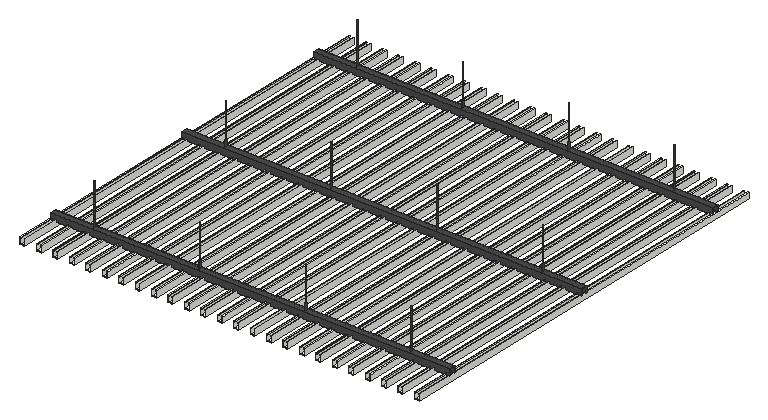
Revit family "FalsoTecho_THU_Lama-Italia-30", category Modelos genéricos, Revit 2016
Family settings
  Tipo de pieza = Normal
  Puede alojar armadura = No
  Cota de conector redondo = Diámetro de uso
  Número OmniClass = 23.35.70.24.11.17.14.11
  Título OmniClass = Metal Linear Ceilings
  Se basa en plano de trabajo = Sí
  Siempre vertical = No
  Corte con vacíos al cargar = Sí
  Compartido = No
  Punto de cálculo de habitación = No
Parameters (values of type "Aluminio_Liso_30x37mm")
  Tirantes_Separación real [instance] = (Rastrel_Longitud - (Tirante inicial_Distancia a borde * 2)) / (Tirantes_Recuento - 1)  # 643.333 mm
  Tirantes_Separación aproximada [instance] = 1000 mm  # constant formula
  Tirantes_Recuento [instance] = (Rastrel_Longitud - (Tirante inicial_Distancia a borde * 2)) / Tirantes_Separación aproximada + 2  # 4
  Tirante_Longitud [instance] = THU_Falso techo_Plenum altura  # 250 mm
  Tirante inicial_Distancia a borde [instance] = if(Rastrel_Longitud < 1500 mm, 25 mm, 250 mm)  # 250 mm
  THU_Velo = no
  THU_Subestructura_Material = "Acero galvanizado"
  THU_Subestructura_Color [instance] = THU_Negro-RAL9005
  THU_Reacción al fuego = "A2-s1, d0"
  THU_Rastrel = Rastrel_THU_Italia-30 : 3.00x0.56x0.31
  THU_Lama_Material = "Aluminio"
  THU_Lama_Color [instance] = THU_Blanco-RAL9010
  THU_Lama = Lama_THU_Italia-30 : Aluminio_Liso_30x37mm
  THU_Falso techo_Área [instance] = THU_Falso techo_Longitud * Falso techo_Anchura aprox  # 6.075 m²
  THU_Falso techo_Plenum altura [instance] = 250 mm
  THU_Falso techo_Longitud [instance] = 2500 mm
  THU_Falso techo_Anchura [instance] = 2500 mm
  THU_Falso techo_Altura libre [instance] = 2500 mm
  THU_Acabado = Acabado_THU_Lama-Italia-30 : Liso
  Solape vertical_Lama y rastrel = 5.5 mm  # constant formula
  Rastreles_Separación [instance] = if(Lama_Longitud < 1000 mm, Lama_Longitud - 36 mm, 1000 mm)  # 1000 mm
  Rastreles_Recuento (ml) [instance] = Rastrel_Longitud * Rastreles_Recuento  # 7290 mm
  Rastreles_Recuento [instance] = if((THU_Falso techo_Longitud / Rastreles_Separación) < 2, 2, THU_Falso techo_Longitud / Rastreles_Separación)  # 3
  Rastrel_Longitud [instance] = Falso techo_Anchura aprox  # 2430 mm
  Rastrel_Anchura = 35 mm  # constant formula
  Rastrel_Altura = 38 mm  # constant formula
  Rastrel inicial_Distancia a borde [instance] = (THU_Falso techo_Longitud - (Rastreles_Separación * (Rastreles_Recuento - 1))) / 2  # 250 mm
  Página web del producto = "http://thu.es/producto/lama-italia-30/"
  Página web del fabricante = "http://thu.es/"
  País de fabricación = "España"
  País de diseño = "España"
  Omniclass = "23.35.70.24.11.17.14.11"
  Número de edición (versión) = 0
  Nombre del objeto = "Lama Italia 30"
  NBS Reference Description = "Board suspended ceiling system"
  NBS Reference = "20-10-10/110"
  Marca = "THU"
  Manual de montaje = "http://thu.es/wp-content/uploads/manuals/MM-Techos-Lamas-Italia-30.pdf"
  Lamas_Recuento (ml) [instance] = THU_Falso techo_Longitud * Lamas_Recuento  # 62500 mm
  Lamas_Recuento [instance] = THU_Falso techo_Anchura / (Lamas_Separación + Lama_Anchura)  # 25
  Lamas_Separación [instance] = if(Lama_Paso de troquelado 100, 100 mm - Lama_Anchura, if(Lama_Paso de troquelado 90, 90 mm - Lama_Anchura, if(Lama_Paso de troquelado 80, 80 mm - Lama_Anchura, if(Lama_Paso de troquelado 70, 70 mm - Lama_Anchura, if(Lama_Paso de troquelado 60, 60 mm - Lama_Anchura, if(Lama_Paso de troquelado 50, 50 mm - Lama_Anchura, 200 mm))))))  # 70 mm
  Lama_Paso de troquelado 90 [instance] = no
  Lama_Paso de troquelado 80 [instance] = no
  Lama_Paso de troquelado 70 [instance] = no
  Lama_Paso de troquelado 60 [instance] = no
  Lama_Paso de troquelado 50 [instance] = no
  Lama_Paso de troquelado 100 [instance] = yes
  Lama_Longitud [instance] = THU_Falso techo_Longitud  # 2500 mm
  Lama_Anchura = 30 mm  # constant formula
  Lama_Altura = 37 mm  # constant formula
  IFC Classification = "Ceiling"
  Grupo del producto = "Lamas"
  Ficha técnica = "http://thu.es/wp-content/uploads/datasheets/ft-lamas-italia-30-thu.pdf"
  Ficha resumen = "http://thu.es/wp-content/uploads/datasheets/THU_Techos_metalicos_Lama_Italia30.pdf"
  Fecha de publicación del objeto BIM = ""
  Famila del producto = "Techos metálicos"
  Falso techo_Grosor = Lama_Altura + Rastrel_Altura  # 75 mm
  Falso techo_Anchura aprox [instance] = (Lamas_Recuento * Lama_Anchura) + (Lamas_Separación * (Lamas_Recuento - 1))  # 2430 mm
  Fabricante = "THU Perfil S.L."
  Default Elevation = 0 mm
  Descripción = "Falso techo metálico formado por lamas de aluminio prelacadas, encajadas en rastreles de dediferentes pasos de troquelado de (50,60,70,80,90,100mm) y colgadas del forjado superior mediante un sistema de varillas roscadas. Las lamas tienen un ancho de 30 mm y al colocarse en el rastrel quedan separadas una distancia entre sí que dependerá del rastrel seleccionado (20/30/40/50/60/70mm). Opción de Lamas Perforadas: Las lamas pueden presentar un microperforado de 1,5 mm de diámetro al tresbolillo, que abarca la parte central de la lama y 20 mm de cada lateral. El porcentaje de perforación de la lama es del 15,5% teniendo en cuenta los laterales perforados. Las lamas perforadas se suministran con un velo acústico de 0,2 mm de espesor, fijado a la cara interior mediante un adhesivo de activación térmica y un film de protección en su cara vista exterior."
  Declaración de prestaciones = "http://thu.es/wp-content/uploads/declarations/dp_bandejas_italia_30.pdf"
  Comentarios de tipo = "Lamas Italia 30 para techo suspendido, para ser montadas en interior de edificios con rastreles Italia."
  COBie Type Category = "L387 : Suspended ceilings"
Types (2, lengths in mm): name | THU_Velo | THU_Lama | THU_Acabado | Número de edición (versión)
  Aluminio_Liso_30x37mm | no | Lama_THU_Italia-30 : Aluminio_Liso_30x37mm | Acabado_THU_Lama-Italia-30 : Liso | 0
  Aluminio_Perforado-c/Velo_30x37mm | yes | Lama_THU_Italia-30 : Aluminio_Perforado-c/Velo_30x37mm | Acabado_THU_Lama-Italia-30 : Perforado_Ø1.5mm | 1
Reference planes
  plane 1 "Centro (Frontal/Posterior)": y = 0
  plane 2: z = 0
  plane 3 "Centro (Izquierda/Derecha)": x = 0
  plane 4 "Lamas_Límite inferior": z = 2500
  plane 5 "Rastreles_Límite inferior": z = 2531.5
  plane 6 "Rastreles_Límite superior": z = 2569.5
  plane 7 "Lamas_Límite superior": z = 2537
  plane 8 "Tirantes_Parte superior": z = 2819.5
  plane 9 "Falso techo_Límite derecho": x = 2500
  plane 10 "Falso techo_Límite superior": y = 2500
Dimensions and locks
  "Rastrel_Altura": plane 6 "Rastreles_Límite superior" to plane 5 "Rastreles_Límite inferior"
  "THU_Falso techo_Altura libre": level to plane 4 "Lamas_Límite inferior"
  "Lama_Altura": plane 7 "Lamas_Límite superior" to plane 4 "Lamas_Límite inferior"
  "Solape vertical_Lama y rastrel": plane 7 "Lamas_Límite superior" to plane 5 "Rastreles_Límite inferior"
  "THU_Falso techo_Plenum altura": plane 8 "Tirantes_Parte superior" to plane 6 "Rastreles_Límite superior"
  "Rastrel inicial_Distancia a borde": plane 1 "Centro (Frontal/Posterior)" to nested 1
  "THU_Falso techo_Anchura": plane 3 "Centro (Izquierda/Derecha)" to plane 9 "Falso techo_Límite derecho"
  "THU_Falso techo_Longitud": plane 1 "Centro (Frontal/Posterior)" to plane 10 "Falso techo_Límite superior"
  equal spacing: group 1, group 2, group 3  (x3)
  "Rastreles_Separación": nested 1 to nested 2
  equal spacing: group 4, group 5, group 6, group 7, group 8, group 9, group 10, group 11, group 12, group 13, group 14, group 15, group 16, group 17, group 18, group 19, group 20, group 21, group 22, group 23, group 24, group 25, group 26, group 27, group 28  (x3)
  "Lamas_Separación": nested 4 to nested 5
  aligned and locked: level to plane 2
  aligned and locked: plane 1 "Centro (Frontal/Posterior)" to nested 4
  aligned and locked: nested 4 to plane 3 "Centro (Izquierda/Derecha)"
  aligned and locked: nested 4 to plane 4 "Lamas_Límite inferior"
  aligned and locked: nested 5 to plane 4 "Lamas_Límite inferior"
  aligned and locked: nested 1 to plane 5 "Rastreles_Límite inferior"
  aligned and locked: nested 2 to plane 5 "Rastreles_Límite inferior"
Nested families
  nested 1: "Rastrel_THU_Italia-30" at (0, 250, 2531.5) x (0, -1, 0) z (0, 0, 1), Rastrel_Altura <- "Rastrel_Altura", Rastrel_Anchura <- "Rastrel_Anchura", Rastrel_Longitud <- "Rastrel_Longitud", Tirante_Longitud <- "Tirante_Longitud", Tirantes_Recuento <- "Tirantes_Recuento", type <- "THU_Rastrel", THU_Color <- "THU_Subestructura_Color", THU_Material <- "THU_Subestructura_Material", Tirante inicial_Distancia a borde <- "Tirante inicial_Distancia a borde", type "3.00x0.56x0.31", detail levels medium+fine
    with Tirantes_Recuento 4, Tirante_Longitud 250 mm, Tirante inicial_Distancia a borde 250 mm, THU_Recuento (ml) 2430 mm, THU_Material "Acero galvanizado", THU_Color THU_Negro-RAL9005, Rastrel_Longitud 2430 mm, Rastrel_Anchura 35 mm, Rastrel_Altura 38 mm
  nested 2: "Rastrel_THU_Italia-30" at (0, 1250, 2531.5) x (0, -1, 0) z (0, 0, 1), Rastrel_Altura <- "Rastrel_Altura", Rastrel_Anchura <- "Rastrel_Anchura", Rastrel_Longitud <- "Rastrel_Longitud", Tirante_Longitud <- "Tirante_Longitud", Tirantes_Recuento <- "Tirantes_Recuento", type <- "THU_Rastrel", THU_Color <- "THU_Subestructura_Color", THU_Material <- "THU_Subestructura_Material", Tirante inicial_Distancia a borde <- "Tirante inicial_Distancia a borde", type "3.00x0.56x0.31", detail levels medium+fine
    with Tirantes_Recuento 4, Tirante_Longitud 250 mm, Tirante inicial_Distancia a borde 250 mm, THU_Recuento (ml) 2430 mm, THU_Material "Acero galvanizado", THU_Color THU_Negro-RAL9005, Rastrel_Longitud 2430 mm, Rastrel_Anchura 35 mm, Rastrel_Altura 38 mm
  nested 3: "Rastrel_THU_Italia-30" at (0, 2250, 2531.5) x (0, -1, 0) z (0, 0, 1), Rastrel_Altura <- "Rastrel_Altura", Rastrel_Anchura <- "Rastrel_Anchura", Rastrel_Longitud <- "Rastrel_Longitud", Tirante_Longitud <- "Tirante_Longitud", Tirantes_Recuento <- "Tirantes_Recuento", type <- "THU_Rastrel", THU_Color <- "THU_Subestructura_Color", THU_Material <- "THU_Subestructura_Material", Tirante inicial_Distancia a borde <- "Tirante inicial_Distancia a borde", type "3.00x0.56x0.31", detail levels medium+fine
    with Tirantes_Recuento 4, Tirante_Longitud 250 mm, Tirante inicial_Distancia a borde 250 mm, THU_Recuento (ml) 2430 mm, THU_Material "Acero galvanizado", THU_Color THU_Negro-RAL9005, Rastrel_Longitud 2430 mm, Rastrel_Anchura 35 mm, Rastrel_Altura 38 mm
  nested 4: "Lama_THU_Italia-30" at (15, 0, 2500), THU_Color <- "THU_Lama_Color", THU_Material <- "THU_Lama_Material", Lama_Altura <- "Lama_Altura", Lama_Anchura <- "Lama_Anchura", Lama_Longitud <- "Lama_Longitud", type <- "THU_Lama", type "Aluminio_Liso_30x37mm"
    with THU_Recuento (ml) 2500 mm, THU_Material "Aluminio", THU_Color THU_Blanco-RAL9010, Lama_Longitud 2500 mm, Lama_Anchura 30 mm, Lama_Altura 37 mm
  nested 5: "Lama_THU_Italia-30" at (115, 0, 2500), THU_Color <- "THU_Lama_Color", THU_Material <- "THU_Lama_Material", Lama_Altura <- "Lama_Altura", Lama_Anchura <- "Lama_Anchura", Lama_Longitud <- "Lama_Longitud", type <- "THU_Lama", type "Aluminio_Liso_30x37mm"
    with THU_Recuento (ml) 2500 mm, THU_Material "Aluminio", THU_Color THU_Blanco-RAL9010, Lama_Longitud 2500 mm, Lama_Anchura 30 mm, Lama_Altura 37 mm
  nested 6: "Lama_THU_Italia-30" at (215, 0, 2500), THU_Color <- "THU_Lama_Color", THU_Material <- "THU_Lama_Material", Lama_Altura <- "Lama_Altura", Lama_Anchura <- "Lama_Anchura", Lama_Longitud <- "Lama_Longitud", type <- "THU_Lama", type "Aluminio_Liso_30x37mm"
    with THU_Recuento (ml) 2500 mm, THU_Material "Aluminio", THU_Color THU_Blanco-RAL9010, Lama_Longitud 2500 mm, Lama_Anchura 30 mm, Lama_Altura 37 mm
  nested 7: "Lama_THU_Italia-30" at (315, 0, 2500), THU_Color <- "THU_Lama_Color", THU_Material <- "THU_Lama_Material", Lama_Altura <- "Lama_Altura", Lama_Anchura <- "Lama_Anchura", Lama_Longitud <- "Lama_Longitud", type <- "THU_Lama", type "Aluminio_Liso_30x37mm"
    with THU_Recuento (ml) 2500 mm, THU_Material "Aluminio", THU_Color THU_Blanco-RAL9010, Lama_Longitud 2500 mm, Lama_Anchura 30 mm, Lama_Altura 37 mm
  nested 8: "Lama_THU_Italia-30" at (415, 0, 2500), THU_Color <- "THU_Lama_Color", THU_Material <- "THU_Lama_Material", Lama_Altura <- "Lama_Altura", Lama_Anchura <- "Lama_Anchura", Lama_Longitud <- "Lama_Longitud", type <- "THU_Lama", type "Aluminio_Liso_30x37mm"
    with THU_Recuento (ml) 2500 mm, THU_Material "Aluminio", THU_Color THU_Blanco-RAL9010, Lama_Longitud 2500 mm, Lama_Anchura 30 mm, Lama_Altura 37 mm
  nested 9: "Lama_THU_Italia-30" at (515, 0, 2500), THU_Color <- "THU_Lama_Color", THU_Material <- "THU_Lama_Material", Lama_Altura <- "Lama_Altura", Lama_Anchura <- "Lama_Anchura", Lama_Longitud <- "Lama_Longitud", type <- "THU_Lama", type "Aluminio_Liso_30x37mm"
    with THU_Recuento (ml) 2500 mm, THU_Material "Aluminio", THU_Color THU_Blanco-RAL9010, Lama_Longitud 2500 mm, Lama_Anchura 30 mm, Lama_Altura 37 mm
  nested 10: "Lama_THU_Italia-30" at (615, 0, 2500), THU_Color <- "THU_Lama_Color", THU_Material <- "THU_Lama_Material", Lama_Altura <- "Lama_Altura", Lama_Anchura <- "Lama_Anchura", Lama_Longitud <- "Lama_Longitud", type <- "THU_Lama", type "Aluminio_Liso_30x37mm"
    with THU_Recuento (ml) 2500 mm, THU_Material "Aluminio", THU_Color THU_Blanco-RAL9010, Lama_Longitud 2500 mm, Lama_Anchura 30 mm, Lama_Altura 37 mm
  nested 11: "Lama_THU_Italia-30" at (715, 0, 2500), THU_Color <- "THU_Lama_Color", THU_Material <- "THU_Lama_Material", Lama_Altura <- "Lama_Altura", Lama_Anchura <- "Lama_Anchura", Lama_Longitud <- "Lama_Longitud", type <- "THU_Lama", type "Aluminio_Liso_30x37mm"
    with THU_Recuento (ml) 2500 mm, THU_Material "Aluminio", THU_Color THU_Blanco-RAL9010, Lama_Longitud 2500 mm, Lama_Anchura 30 mm, Lama_Altura 37 mm
  nested 12: "Lama_THU_Italia-30" at (815, 0, 2500), THU_Color <- "THU_Lama_Color", THU_Material <- "THU_Lama_Material", Lama_Altura <- "Lama_Altura", Lama_Anchura <- "Lama_Anchura", Lama_Longitud <- "Lama_Longitud", type <- "THU_Lama", type "Aluminio_Liso_30x37mm"
    with THU_Recuento (ml) 2500 mm, THU_Material "Aluminio", THU_Color THU_Blanco-RAL9010, Lama_Longitud 2500 mm, Lama_Anchura 30 mm, Lama_Altura 37 mm
  nested 13: "Lama_THU_Italia-30" at (915, 0, 2500), THU_Color <- "THU_Lama_Color", THU_Material <- "THU_Lama_Material", Lama_Altura <- "Lama_Altura", Lama_Anchura <- "Lama_Anchura", Lama_Longitud <- "Lama_Longitud", type <- "THU_Lama", type "Aluminio_Liso_30x37mm"
    with THU_Recuento (ml) 2500 mm, THU_Material "Aluminio", THU_Color THU_Blanco-RAL9010, Lama_Longitud 2500 mm, Lama_Anchura 30 mm, Lama_Altura 37 mm
  nested 14: "Lama_THU_Italia-30" at (1015, 0, 2500), THU_Color <- "THU_Lama_Color", THU_Material <- "THU_Lama_Material", Lama_Altura <- "Lama_Altura", Lama_Anchura <- "Lama_Anchura", Lama_Longitud <- "Lama_Longitud", type <- "THU_Lama", type "Aluminio_Liso_30x37mm"
    with THU_Recuento (ml) 2500 mm, THU_Material "Aluminio", THU_Color THU_Blanco-RAL9010, Lama_Longitud 2500 mm, Lama_Anchura 30 mm, Lama_Altura 37 mm
  nested 15: "Lama_THU_Italia-30" at (1115, 0, 2500), THU_Color <- "THU_Lama_Color", THU_Material <- "THU_Lama_Material", Lama_Altura <- "Lama_Altura", Lama_Anchura <- "Lama_Anchura", Lama_Longitud <- "Lama_Longitud", type <- "THU_Lama", type "Aluminio_Liso_30x37mm"
    with THU_Recuento (ml) 2500 mm, THU_Material "Aluminio", THU_Color THU_Blanco-RAL9010, Lama_Longitud 2500 mm, Lama_Anchura 30 mm, Lama_Altura 37 mm
  nested 16: "Lama_THU_Italia-30" at (1215, 0, 2500), THU_Color <- "THU_Lama_Color", THU_Material <- "THU_Lama_Material", Lama_Altura <- "Lama_Altura", Lama_Anchura <- "Lama_Anchura", Lama_Longitud <- "Lama_Longitud", type <- "THU_Lama", type "Aluminio_Liso_30x37mm"
    with THU_Recuento (ml) 2500 mm, THU_Material "Aluminio", THU_Color THU_Blanco-RAL9010, Lama_Longitud 2500 mm, Lama_Anchura 30 mm, Lama_Altura 37 mm
  nested 17: "Lama_THU_Italia-30" at (1315, 0, 2500), THU_Color <- "THU_Lama_Color", THU_Material <- "THU_Lama_Material", Lama_Altura <- "Lama_Altura", Lama_Anchura <- "Lama_Anchura", Lama_Longitud <- "Lama_Longitud", type <- "THU_Lama", type "Aluminio_Liso_30x37mm"
    with THU_Recuento (ml) 2500 mm, THU_Material "Aluminio", THU_Color THU_Blanco-RAL9010, Lama_Longitud 2500 mm, Lama_Anchura 30 mm, Lama_Altura 37 mm
  nested 18: "Lama_THU_Italia-30" at (1415, 0, 2500), THU_Color <- "THU_Lama_Color", THU_Material <- "THU_Lama_Material", Lama_Altura <- "Lama_Altura", Lama_Anchura <- "Lama_Anchura", Lama_Longitud <- "Lama_Longitud", type <- "THU_Lama", type "Aluminio_Liso_30x37mm"
    with THU_Recuento (ml) 2500 mm, THU_Material "Aluminio", THU_Color THU_Blanco-RAL9010, Lama_Longitud 2500 mm, Lama_Anchura 30 mm, Lama_Altura 37 mm
  nested 19: "Lama_THU_Italia-30" at (1515, 0, 2500), THU_Color <- "THU_Lama_Color", THU_Material <- "THU_Lama_Material", Lama_Altura <- "Lama_Altura", Lama_Anchura <- "Lama_Anchura", Lama_Longitud <- "Lama_Longitud", type <- "THU_Lama", type "Aluminio_Liso_30x37mm"
    with THU_Recuento (ml) 2500 mm, THU_Material "Aluminio", THU_Color THU_Blanco-RAL9010, Lama_Longitud 2500 mm, Lama_Anchura 30 mm, Lama_Altura 37 mm
  nested 20: "Lama_THU_Italia-30" at (1615, 0, 2500), THU_Color <- "THU_Lama_Color", THU_Material <- "THU_Lama_Material", Lama_Altura <- "Lama_Altura", Lama_Anchura <- "Lama_Anchura", Lama_Longitud <- "Lama_Longitud", type <- "THU_Lama", type "Aluminio_Liso_30x37mm"
    with THU_Recuento (ml) 2500 mm, THU_Material "Aluminio", THU_Color THU_Blanco-RAL9010, Lama_Longitud 2500 mm, Lama_Anchura 30 mm, Lama_Altura 37 mm
  nested 21: "Lama_THU_Italia-30" at (1715, 0, 2500), THU_Color <- "THU_Lama_Color", THU_Material <- "THU_Lama_Material", Lama_Altura <- "Lama_Altura", Lama_Anchura <- "Lama_Anchura", Lama_Longitud <- "Lama_Longitud", type <- "THU_Lama", type "Aluminio_Liso_30x37mm"
    with THU_Recuento (ml) 2500 mm, THU_Material "Aluminio", THU_Color THU_Blanco-RAL9010, Lama_Longitud 2500 mm, Lama_Anchura 30 mm, Lama_Altura 37 mm
  nested 22: "Lama_THU_Italia-30" at (1815, 0, 2500), THU_Color <- "THU_Lama_Color", THU_Material <- "THU_Lama_Material", Lama_Altura <- "Lama_Altura", Lama_Anchura <- "Lama_Anchura", Lama_Longitud <- "Lama_Longitud", type <- "THU_Lama", type "Aluminio_Liso_30x37mm"
    with THU_Recuento (ml) 2500 mm, THU_Material "Aluminio", THU_Color THU_Blanco-RAL9010, Lama_Longitud 2500 mm, Lama_Anchura 30 mm, Lama_Altura 37 mm
  nested 23: "Lama_THU_Italia-30" at (1915, 0, 2500), THU_Color <- "THU_Lama_Color", THU_Material <- "THU_Lama_Material", Lama_Altura <- "Lama_Altura", Lama_Anchura <- "Lama_Anchura", Lama_Longitud <- "Lama_Longitud", type <- "THU_Lama", type "Aluminio_Liso_30x37mm"
    with THU_Recuento (ml) 2500 mm, THU_Material "Aluminio", THU_Color THU_Blanco-RAL9010, Lama_Longitud 2500 mm, Lama_Anchura 30 mm, Lama_Altura 37 mm
  nested 24: "Lama_THU_Italia-30" at (2015, 0, 2500), THU_Color <- "THU_Lama_Color", THU_Material <- "THU_Lama_Material", Lama_Altura <- "Lama_Altura", Lama_Anchura <- "Lama_Anchura", Lama_Longitud <- "Lama_Longitud", type <- "THU_Lama", type "Aluminio_Liso_30x37mm"
    with THU_Recuento (ml) 2500 mm, THU_Material "Aluminio", THU_Color THU_Blanco-RAL9010, Lama_Longitud 2500 mm, Lama_Anchura 30 mm, Lama_Altura 37 mm
  nested 25: "Lama_THU_Italia-30" at (2115, 0, 2500), THU_Color <- "THU_Lama_Color", THU_Material <- "THU_Lama_Material", Lama_Altura <- "Lama_Altura", Lama_Anchura <- "Lama_Anchura", Lama_Longitud <- "Lama_Longitud", type <- "THU_Lama", type "Aluminio_Liso_30x37mm"
    with THU_Recuento (ml) 2500 mm, THU_Material "Aluminio", THU_Color THU_Blanco-RAL9010, Lama_Longitud 2500 mm, Lama_Anchura 30 mm, Lama_Altura 37 mm
  nested 26: "Lama_THU_Italia-30" at (2215, 0, 2500), THU_Color <- "THU_Lama_Color", THU_Material <- "THU_Lama_Material", Lama_Altura <- "Lama_Altura", Lama_Anchura <- "Lama_Anchura", Lama_Longitud <- "Lama_Longitud", type <- "THU_Lama", type "Aluminio_Liso_30x37mm"
    with THU_Recuento (ml) 2500 mm, THU_Material "Aluminio", THU_Color THU_Blanco-RAL9010, Lama_Longitud 2500 mm, Lama_Anchura 30 mm, Lama_Altura 37 mm
  nested 27: "Lama_THU_Italia-30" at (2315, 0, 2500), THU_Color <- "THU_Lama_Color", THU_Material <- "THU_Lama_Material", Lama_Altura <- "Lama_Altura", Lama_Anchura <- "Lama_Anchura", Lama_Longitud <- "Lama_Longitud", type <- "THU_Lama", type "Aluminio_Liso_30x37mm"
    with THU_Recuento (ml) 2500 mm, THU_Material "Aluminio", THU_Color THU_Blanco-RAL9010, Lama_Longitud 2500 mm, Lama_Anchura 30 mm, Lama_Altura 37 mm
  nested 28: "Lama_THU_Italia-30" at (2415, 0, 2500), THU_Color <- "THU_Lama_Color", THU_Material <- "THU_Lama_Material", Lama_Altura <- "Lama_Altura", Lama_Anchura <- "Lama_Anchura", Lama_Longitud <- "Lama_Longitud", type <- "THU_Lama", type "Aluminio_Liso_30x37mm"
    with THU_Recuento (ml) 2500 mm, THU_Material "Aluminio", THU_Color THU_Blanco-RAL9010, Lama_Longitud 2500 mm, Lama_Anchura 30 mm, Lama_Altura 37 mm
Definition of nested family "Rastrel_THU_Italia-30"
  Parameters (values of type "3.00x0.56x0.31")
    Tirantes_Recuento [instance] = 2
    Tirante_Longitud [instance] = 250 mm
    Tirante inicial_Distancia a borde [instance] = 100 mm
    THU_Recuento (ml) [instance] = Rastrel_Longitud  # 1000 mm
    THU_Mediciones = 1 < 2  # yes
    THU_Material [instance] = "Acero galvanizado"
    THU_Color [instance] = none
    Rastrel_Longitud [instance] = 1000 mm
    Rastrel_Anchura [instance] = 35 mm
    Rastrel_Altura [instance] = 38 mm
    Nombre del objeto = "Rastrel Italia 30"
    Default Elevation = 0 mm
  Reference planes
    plane 1 "Centro (Frontal/Posterior)": y = 0
    plane 2: z = 0
    plane 3 "Centro (Izquierda/Derecha)": x = 0
    plane 4 "Rastrel_Cara superior": z = 38
  Forms (mm)
    Extrusion 1, solid, material <- "THU_Color", detail levels medium+fine
      sketch origin (0, 0, 0) x (1, 0, 0) y (0, 0, 1)
        loop
          line (-18, 0) -> (-17, 0) -> (-17, 37) -> (17, 37) -> (17, 0) -> (18, 0) -> (18, 38) -> (-18, 38) -> (-18, 0)
      from -1000 to 0
  Dimensions and locks
    equal spacing: Extrusion 1, plane 3 "Centro (Izquierda/Derecha)", Extrusion 1
    locked: Extrusion 1 to Extrusion 1 at 1  (x3)
    "Rastrel_Altura": Extrusion 1 to plane 2
    "Rastrel_Anchura": Extrusion 1 to Extrusion 1
    "Rastrel_Longitud": plane 1 "Centro (Frontal/Posterior)" to Extrusion 1
    "Tirante inicial_Distancia a borde": plane 1 "Centro (Frontal/Posterior)" to nested 1
    group 1 to group 2 = 0 mm  (x2)
    group 1 to group 2 = 800 mm
    "Tirante inicial_Distancia a borde": Extrusion 1 to nested 2
    aligned and locked: level to plane 2
    aligned and locked: plane 2 to Extrusion 1 sketch curve  (x2)
    aligned and locked: plane 1 "Centro (Frontal/Posterior)" to Extrusion 1
    aligned and locked: Extrusion 1 to plane 1 "Centro (Frontal/Posterior)"
    aligned and locked: plane 3 "Centro (Izquierda/Derecha)" to nested 1
    aligned and locked: plane 4 "Rastrel_Cara superior" to Extrusion 1
    aligned and locked: nested 1 to plane 4 "Rastrel_Cara superior"
  Automatic sketch dimensions
    Extrusion 1 sketch curve to plane 4 "Rastrel_Cara superior" = 0 mm
    Extrusion 1 sketch curve to plane 3 "Centro (Izquierda/Derecha)" = 18 mm
    Extrusion 1 sketch curve to Extrusion 1 sketch curve = 1 mm  (x2)
    Extrusion 1 sketch curve to plane 4 "Rastrel_Cara superior" = 1 mm
    plane 3 "Centro (Izquierda/Derecha)" to Extrusion 1 sketch curve = 17 mm
  Nested families
    nested 1: "Tirantes_THU" at (0, 100, 38), Tirante_Longitud <- "Tirante_Longitud", Tirante_Material <- "THU_Color", type "Tirante - Rastreles", detail levels fine
      with Tirante_Material none, Tirante_Longitud 250 mm
    nested 2: "Tirantes_THU" at (0, 900, 38), Tirante_Longitud <- "Tirante_Longitud", Tirante_Material <- "THU_Color", type "Tirante - Rastreles", detail levels fine
      with Tirante_Material none, Tirante_Longitud 250 mm
  Definition of nested family "Tirantes_THU"
    Parameters (values of type "Tirante - Perfil triangular")
      Tirante_Material [instance] = none
      Tirante_Longitud [instance] = 250 mm
      Pieza de cuelgue_Altura = 20 mm
      Pieza de cualgue_Anchura = 26 mm
      Perfiles = no
      Perfil triangular = yes
      Rastreles = no
      Default Elevation = 0 mm
    Types (3, lengths in mm): name | Pieza de cuelgue_Altura | Pieza de cualgue_Anchura | Perfiles | Perfil triangular | Rastreles
      Tirante - Rastreles | 40 | 10 | no | no | yes
      Tirante - Perfil triangular | 20 | 26 | no | yes | no
      Tirante - Perfiles | 20 | 10.5 | yes | no | no
    Reference planes
      plane 1 "Centro (Frontal/Posterior)": y = 0
      plane 2: z = 0
      plane 3 "Centro (Izquierda/Derecha)": x = 0
      plane 4 "Perfil_Cara superior": z = 20
      plane 5 "Tirantes_Límite superior": z = 250
      plane 6 "Pieza de cuelgue_Lateral izquierdo": x = -13
      plane 7 "Pieza de cuelgue_Lateral derecho": x = 13
    Forms (mm)
      Extrusion 1, solid, material <- "Tirante_Material"
        sketch origin (0, 0, 0) x (1, 0, 0) y (0, 1, 0)
          loop
            circle (0, 0) r 1.5
        from 20 to 250
      Extrusion 2, solid, material <- "Tirante_Material", visible <- "Perfiles"
        sketch origin (0, 0, 0) x (1, 0, 0) y (0, 0, 1)
          loop
            line (-13, 20) -> (-13, 0) -> (-8.759, 0) -> (-8.759, 2) -> (-10.518, 2) -> (-10.518, 11) -> (10.518, 11) -> (10.518, 2) -> (8.759, 2) -> (8.759, 0) -> (13, 0) -> (13, 20) -> (-13, 20)
        from -1 to 1
      Extrusion 3, solid, material <- "Tirante_Material", visible <- "Perfil triangular"
        sketch origin (0, 0, 0) x (1, 0, 0) y (0, 0, 1)
          loop
            line (0, 20) -> (-13, 20) -> (-13, 18) -> (-1, 18) -> (-1, 2.022) -> (-13, 2.022) -> (-13, 0) -> (0, 0) -> (13, 0) -> (13, 2.022) -> (1, 2.022) -> (1, 18) -> (13, 18) -> (13, 20) -> (0, 20)
        from -7.5 to 7.5
      Extrusion 4, solid, material <- "Tirante_Material", visible <- "Rastreles"
        sketch origin (0, 0, 0) x (1, 0, 0) y (0, 0, 1)
          loop
            line (-13, 0) -> (13, 0) -> (13, 20) -> (-13, 20) -> (-13, 0)
        from -1 to 1
    Dimensions and locks
      equal spacing: Extrusion 2, plane 1 "Centro (Frontal/Posterior)", Extrusion 2
      "Tirante_Longitud": plane 5 "Tirantes_Límite superior" to level
      "Pieza de cuelgue_Altura": plane 4 "Perfil_Cara superior" to level
      "Pieza de cualgue_Anchura": plane 7 "Pieza de cuelgue_Lateral derecho" to plane 6 "Pieza de cuelgue_Lateral izquierdo"
      equal spacing: plane 7 "Pieza de cuelgue_Lateral derecho", plane 3 "Centro (Izquierda/Derecha)", plane 6 "Pieza de cuelgue_Lateral izquierdo"
      locked: Extrusion 2 sketch curve to Extrusion 2 sketch curve at 2.482  (x2)
      locked: Extrusion 2 sketch curve to Extrusion 2 sketch curve at 9
      locked: Extrusion 2 sketch curve to Extrusion 2 sketch curve at 4.241  (x2)
      locked: Extrusion 3 sketch curve to Extrusion 3 sketch curve at 2  (x2)
      locked: Extrusion 3 sketch curve to Extrusion 3 sketch curve at 2.022
      aligned and locked: level to plane 2
      aligned and locked: plane 5 "Tirantes_Límite superior" to Extrusion 1
      aligned and locked: Extrusion 1 to plane 4 "Perfil_Cara superior"
      aligned and locked: Extrusion 1 to Extrusion 2
      aligned and locked: Extrusion 2 to level
      aligned and locked: Extrusion 3 sketch curve to Extrusion 3 sketch curve  (x4)
      aligned and locked: plane 4 "Perfil_Cara superior" to Extrusion 4 sketch curve
      aligned and locked: plane 7 "Pieza de cuelgue_Lateral derecho" to Extrusion 4 sketch curve
      aligned and locked: Extrusion 4 sketch curve to plane 6 "Pieza de cuelgue_Lateral izquierdo"
      aligned and locked: plane 6 "Pieza de cuelgue_Lateral izquierdo" to Extrusion 2 sketch curve
      aligned and locked: Extrusion 3 sketch curve to plane 7 "Pieza de cuelgue_Lateral derecho"
      aligned and locked: Extrusion 3 sketch curve to plane 6 "Pieza de cuelgue_Lateral izquierdo"
      aligned and locked: Extrusion 2 sketch curve to Extrusion 2 sketch curve
    Automatic sketch dimensions
      plane 1 "Centro (Frontal/Posterior)" to Extrusion 1 sketch curve = 0 mm
      Extrusion 1 sketch curve to plane 3 "Centro (Izquierda/Derecha)" = 0 mm
      Extrusion 2 sketch curve to level = 0 mm  (x2)
      Extrusion 2 sketch curve to plane 4 "Perfil_Cara superior" = 0 mm
      level to Extrusion 2 sketch curve = 2 mm
      Extrusion 3 sketch curve to plane 4 "Perfil_Cara superior" = 0 mm
      Extrusion 3 sketch curve to level = 0 mm
      Extrusion 3 sketch curve to plane 3 "Centro (Izquierda/Derecha)" = 0 mm  (x2)
      plane 3 "Centro (Izquierda/Derecha)" to Extrusion 3 sketch curve = 1 mm
      Extrusion 2 sketch curve to plane 7 "Pieza de cuelgue_Lateral derecho" = 0 mm
      Extrusion 4 sketch curve to level = 0 mm
      radius of Extrusion 1 sketch curve = 1.5 mm
Definition of nested family "Lama_THU_Italia-30"
  Parameters (values of type "Aluminio_Liso_30x37mm")
    THU_Recuento (ml) [instance] = Lama_Longitud  # 1000 mm
    THU_Mediciones = 1 < 2  # yes
    THU_Material [instance] = "Aluminio"
    THU_Color [instance] = none
    Nombre del objeto = "Lama Italia 30 Aluminio Liso"
    Lama_Longitud [instance] = 1000 mm
    Lama_Anchura [instance] = 30 mm
    Lama_Altura [instance] = 37 mm
    Default Elevation = 0 mm
  Types (2, lengths in mm): name | Nombre del objeto
    Aluminio_Liso_30x37mm | "Lama Italia 30 Aluminio Liso"
    Aluminio_Perforado-c/Velo_30x37mm | "Lama Italia 30 Aluminio Perforado c/Velo"
  Reference planes
    plane 1 "Centro (Frontal/Posterior)": y = 0
    plane 2: z = 0
    plane 3 "Centro (Izquierda/Derecha)": x = 0
  Forms (mm)
    Extrusion 1, solid, material <- "THU_Color"
      sketch origin (0, 0, 0) x (1, 0, 0) y (0, 0, 1)
        loop
          line (-9.5, 37) -> (-15, 37) -> (-15, 0) -> (15, 0) -> (15, 37) -> (9.5, 37) -> (9.5, 36) -> (14, 36) -> (14, 1) -> (-14, 1) -> (-14, 36) -> (-9.5, 36) -> (-9.5, 37)
      from -1000 to 0
  Dimensions and locks
    equal spacing: Extrusion 1 sketch curve, plane 3 "Centro (Izquierda/Derecha)", Extrusion 1 sketch curve
    "Lama_Anchura": Extrusion 1 sketch curve to Extrusion 1 sketch curve
    "Lama_Longitud": Extrusion 1 to Extrusion 1
    "Lama_Altura": Extrusion 1 sketch curve to Extrusion 1 sketch curve
    aligned and locked: level to plane 2
    aligned and locked: plane 1 "Centro (Frontal/Posterior)" to Extrusion 1
  Automatic sketch dimensions
    Extrusion 1 sketch curve to level = 0 mm
    Extrusion 1 sketch curve to Extrusion 1 sketch curve = 1 mm  (x4)
    Extrusion 1 sketch curve to Extrusion 1 sketch curve = 4.5 mm
    Extrusion 1 sketch curve to Extrusion 1 sketch curve = 5.5 mm
    level to Extrusion 1 sketch curve = 1 mm
    Extrusion 1 sketch curve to Extrusion 1 sketch curve = 0 mm
